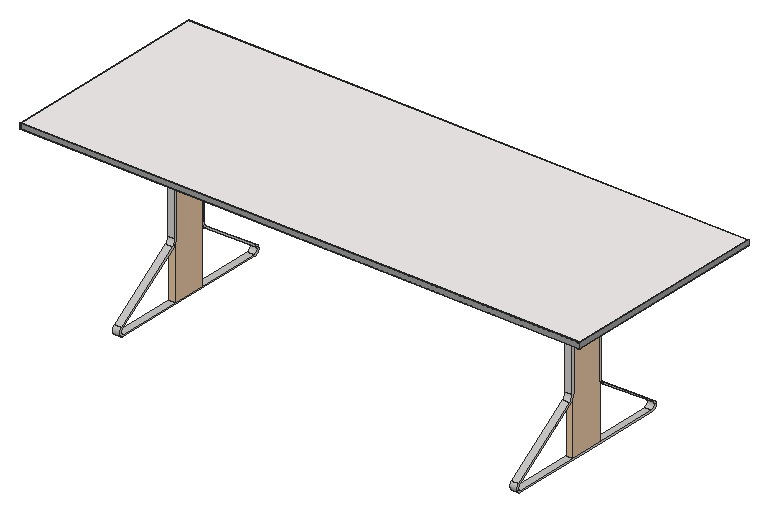
Revit family "Artek_Tables_Kaari Table rectangular_Kaari Table rectangular REB002", category Furniture, Revit 2017
Family settings
  OmniClass Number = 23.40.20.14.17.11
  OmniClass Title = Dining Room Tables
  Work Plane-Based = No
  Always vertical = Yes
  Cut with Voids When Loaded = No
  Shared = No
  Room Calculation Point = No
Parameters (values of type "Kaari Table rectangular REB002")
  WarrantyStartDate [instance] = "n/a"
  WarrantyGuarantorParts = "n/a"
  WarrantyGuarantorLabor = "n/a"
  WarrantyDurationUnit = "Years"
  WarrantyDurationParts = "n/a"
  WarrantyDurationLabor = "n/a"
  WarrantyDescription = "n/a"
  VersionDate = "11/3/2020"  # constant formula
  Version = "1"  # constant formula
  Uniclass2015Reference = "Pr_40_50_21_22"
  Uniclass2015Description = "Dining tables"
  Uniclass2 = "Pr_40_50_21_21"
  URL = "https://www.artek.fi/en/products/kaari-table-rectangular"
  Type Comments = ""
  TagNumber [instance] = "n/a"
  TableTopMaterial [instance] = HPL, high-gloss white
  SustainabilityPerformance = "n/a"
  Style = "n/a"
  Size = "2400x740x900 mm"
  Shape = "Sculptured"
  SerialNumber [instance] = "n/a"
  Revision = "n/a"
  ReplacementCost = "n/a"
  ProductInformation = "n/a"
  Product data url = ""
  NominalLength = 2400 mm
  NominalHeight = 740 mm
  NominalDepth = 900 mm
  Name = "Kaari Table rectangular REB002"
  NBSReference = "45-35-86/327"
  NBSDescription = "Tables"
  ModelReference = "n/a"
  ModelNumber = "28305202"
  Material = "Wood/Steel"
  ManufacturerURL = "https://www.artek.fi/"
  ManufacturerName = "Artek"
  Model = "Kaari Table rectangular REB002"
  Manufacturer = "Artek"
  MainColor = "Natural/black oak"
  LegsMaterial [instance] = Natural oak, with protective varnish
  InstallationDate [instance] = "n/a"
  IfcExportType = "TABLE"  # constant formula
  IfcExportAs = "IfcFurnishingElementType"  # constant formula
  Grade = "n/a"
  Finish = "n/a"
  Features = "n/a"
  ExpectedLife = "n/a"
  DurationUnit = "Years"
  Designer = "Ronan & Erwan Bouroullec"
  Description = ""
  Cost = 0
  ConvergoRefNr = "0190-2009-0028-FI"  # constant formula
  Constituents = "n/a"
  Color = "Natural/black oak"
  Collection = "Kaari Collection"
  CodePerformance = "n/a"
  Barcode [instance] = "n/a"
  AssetIdentifier [instance] = "n/a"
  Category = "Tables"
  Brand = "Artek"
  BIMObjectName = "Artek_Tables_Kaari Table rectangular_Kaari Table rectangular REB002"  # constant formula
  Author = "Convergo AB"  # constant formula
  AssetType = "Movable"
  AccessibilityPerformance = "n/a"
Reference planes
  plane 1 "Center (Front/Back)": y = 0
  plane 2: z = 0
  plane 3 "Center (Left/Right)": x = 0
  plane 4: x = -1200
  plane 5: x = 1200
  plane 6: y = 450
  plane 7: y = -450
  plane 8: z = 740
Dimensions and locks
  equal spacing: plane 4, plane 3 "Center (Left/Right)", plane 5
  "NominalLength": plane 4 to plane 5
  equal spacing: plane 7, plane 1 "Center (Front/Back)", plane 6
  "NominalDepth": plane 7 to plane 6
  "NominalHeight": plane 8 to plane 2
  aligned and locked: level to plane 2
Nested families
  nested 1: "kaari_table_240x90" at (0, 0, -4.5), Legs <- "LegsMaterial", Table <- "TableTopMaterial", type "kaari_table_240x90"
    with TableFrame ABS, Table HPL, high-gloss white, LegsFrame Flat rolled steel, Legs Natural oak, with protective varnish
Definition of nested family "kaari_table_240x90"
  Parameters (values of type "kaari_table_240x90")
    TableFrame [instance] = none
    Table [instance] = none
    LegsFrame [instance] = none
    Legs [instance] = none
  Reference planes
    plane 1 "Center (Front/Back)": y = 0
    plane 2: z = 4.5
    plane 3 "Center (Left/Right)": x = 0
  Forms (mm)
    Extrusion 1, solid, material <- "Legs", detail levels medium+fine
      sketch origin (0, 0, 0) x (0, 1, 0) y (0, 0, 1)
        loop
          line (70, 720.5) -> (-70, 720.5) -> (-70, 10.5) -> (70, 10.5) -> (70, 720.5)
      from -865.5 to -836.5
    Extrusion 2, solid, material <- "Legs", detail levels medium+fine
      sketch origin (0, 0, 0) x (0, 1, 0) y (0, 0, -1)
        loop
          line (70, -720.5) -> (70, -10.5) -> (-70, -10.5) -> (-70, -720.5) -> (70, -720.5)
      from -865.5 to -836.5
    Extrusion 3, solid, material <- "Legs", detail levels medium+fine
      sketch origin (0, 0, 4.5) x (1, 0, 0) y (0, 0, 1)
        loop
          line (-836, 716) -> (-836, 546) -> (-503.024, 615.577) -> (-498.932, 616) -> (498.932, 616) -> (503.024, 615.577) -> (836, 546) -> (836, 716) -> (0, 716) -> (-836, 716)
      from -14 to 14
    Extrusion 4, solid, material <- "LegsFrame", detail levels medium+fine
      sketch origin (0, 0, 5) x (0, 1, 0) y (0, 0, 1)
        loop
          line (0.029, 4.5) -> (350.037, 4.5)
          arc (350.037, 4.5) -> (370.063, 19.183) -> (362.081, 42.697) r 20.997
          line (362.081, 42.697) -> (88.822, 234.036)
          arc (88.822, 234.036) -> (79.419, 244.758) -> (76.029, 258.611) r 30
          line (76.029, 258.611) -> (76.029, 715.5) -> (70, 715.5) -> (70, 258.69)
          arc (70, 258.69) -> (74.081, 242.014) -> (85.4, 229.107) r 36.115
          line (85.4, 229.107) -> (358.633, 37.787)
          arc (358.633, 37.787) -> (364.335, 20.989) -> (350.029, 10.5) r 15
          line (350.029, 10.5) -> (-350.029, 10.5)
          arc (-350.029, 10.5) -> (-364.335, 20.989) -> (-358.633, 37.787) r 15
          line (-358.633, 37.787) -> (-85.346, 229.145)
          arc (-85.346, 229.145) -> (-74.066, 242.007) -> (-70, 258.624) r 35.988
          line (-70, 258.624) -> (-70, 715.5) -> (-76.029, 715.5) -> (-76.029, 258.833)
          arc (-76.029, 258.833) -> (-79.467, 244.783) -> (-89.004, 233.908) r 30.428
          line (-89.004, 233.908) -> (-362.081, 42.697)
          arc (-362.081, 42.697) -> (-370.063, 19.183) -> (-350.037, 4.5) r 20.997
          line (-350.037, 4.5) -> (-0.029, 4.5)
      from -866 to -836
    Extrusion 5, solid, material <- "LegsFrame", detail levels medium+fine
      sketch origin (0, 0, 5) x (0, 1, 0) y (0, 0, -1)
        loop
          line (0.029, -4.5) -> (350.037, -4.5)
          arc (350.037, -4.5) -> (370.063, -19.183) -> (362.081, -42.697) r 20.997
          line (362.081, -42.697) -> (88.822, -234.036)
          arc (88.822, -234.036) -> (79.419, -244.758) -> (76.029, -258.611) r 30
          line (76.029, -258.611) -> (76.029, -716) -> (70, -716) -> (70, -258.69)
          arc (70, -258.69) -> (74.081, -242.014) -> (85.4, -229.107) r 36.115
          line (85.4, -229.107) -> (358.633, -37.787)
          arc (358.633, -37.787) -> (364.335, -20.989) -> (350.029, -10.5) r 15
          line (350.029, -10.5) -> (-350.029, -10.5)
          arc (-350.029, -10.5) -> (-364.335, -20.989) -> (-358.633, -37.787) r 15
          line (-358.633, -37.787) -> (-85.346, -229.145)
          arc (-85.346, -229.145) -> (-74.066, -242.007) -> (-70, -258.624) r 35.988
          line (-70, -258.624) -> (-70, -716) -> (-76.029, -716) -> (-76.029, -258.833)
          arc (-76.029, -258.833) -> (-79.467, -244.783) -> (-89.004, -233.908) r 30.428
          line (-89.004, -233.908) -> (-362.081, -42.697)
          arc (-362.081, -42.697) -> (-370.063, -19.183) -> (-350.037, -4.5) r 20.997
          line (-350.037, -4.5) -> (-0.029, -4.5)
      from -866 to -836
    Extrusion 6, solid, material <- "Table", detail levels medium+fine
      sketch origin (0, 0, 4.5) x (1, 0, 0) y (0, 1, 0)
        loop
          line (1200, 450) -> (-1200, 450) -> (-1200, -450) -> (1200, -450) -> (1200, 450)
      from 716 to 740
    Extrusion 7, solid, material <- "TableFrame", detail levels medium+fine
      sketch origin (0, 0, 4.5) x (1, 0, 0) y (0, 1, 0)
        loop
          arc (-858, 286) -> (-856.536, 282.464) -> (-853, 281) r 5
          line (-853, 281) -> (-849, 281)
          arc (-849, 281) -> (-845.464, 282.464) -> (-844, 286) r 5
          line (-844, 286) -> (-844, 334)
          arc (-844, 334) -> (-845.464, 337.536) -> (-849, 339) r 5
          line (-849, 339) -> (-853, 339)
          arc (-853, 339) -> (-856.536, 337.536) -> (-858, 334) r 5
          line (-858, 334) -> (-858, 286)
        loop
          line (-858, -286) -> (-858, -334)
          arc (-858, -334) -> (-856.536, -337.536) -> (-853, -339) r 5
          line (-853, -339) -> (-849, -339)
          arc (-849, -339) -> (-845.464, -337.536) -> (-844, -334) r 5
          line (-844, -334) -> (-844, -286)
          arc (-844, -286) -> (-845.464, -282.464) -> (-849, -281) r 5
          line (-849, -281) -> (-853, -281)
          arc (-853, -281) -> (-856.536, -282.464) -> (-858, -286) r 5
        loop
          line (858, 286) -> (858, 334)
          arc (858, 334) -> (856.536, 337.536) -> (853, 339) r 5
          line (853, 339) -> (849, 339)
          arc (849, 339) -> (845.464, 337.536) -> (844, 334) r 5
          line (844, 334) -> (844, 286)
          arc (844, 286) -> (845.464, 282.464) -> (849, 281) r 5
          line (849, 281) -> (853, 281)
          arc (853, 281) -> (856.536, 282.464) -> (858, 286) r 5
        loop
          arc (858, -286) -> (856.536, -282.464) -> (853, -281) r 5
          line (853, -281) -> (849, -281)
          arc (849, -281) -> (845.464, -282.464) -> (844, -286) r 5
          line (844, -286) -> (844, -334)
          arc (844, -334) -> (845.464, -337.536) -> (849, -339) r 5
          line (849, -339) -> (853, -339)
          arc (853, -339) -> (856.536, -337.536) -> (858, -334) r 5
          line (858, -334) -> (858, -286)
      from 0 to 5
    Extrusion 8, solid, material <- "Table", detail levels coarse
      sketch origin (0, 0, 4.5) x (1, 0, 0) y (0, 1, 0)
        loop
          line (-1200, -450) -> (1200, -450) -> (1200, 450) -> (-1200, 450) -> (-1200, -450)
      from 0 to 740
    Extrusion 9, solid, material <- "TableFrame", detail levels medium+fine
      sketch origin (0, 0, 4.5) x (1, 0, 0) y (0, 1, 0)
        loop
          line (-1200, 450) -> (-1200, -450) -> (1200, -450) -> (1200, 450) -> (-1200, 450)
        loop
          line (1199.6, 449.6) -> (-1199.6, 449.6) -> (-1199.6, -449.6) -> (1199.6, -449.6) -> (1199.6, 449.6)
      from 716 to 740
    Sweep 10, void
      path in 3D
        loop
          line (1200, -450, 744.5) -> (1200, 450, 744.5) -> (-1200, 450, 744.5) -> (-1200, -450, 744.5) -> (1200, -450, 744.5)
      profile origin (0, -450, 744.5) x (0, 1, 0) y (0, 0, 1)
        loop
          line (0, 0) -> (0, -1) -> (1, 0) -> (0, 0)
    Sweep 11, void
      path in 3D
        loop
          line (-1200, -450, 720.5) -> (-1200, 450, 720.5) -> (1200, 450, 720.5) -> (1200, -450, 720.5) -> (-1200, -450, 720.5)
      profile origin (0, -450, 720.5) x (0, 1, 0) y (0, 0, -1)
        loop
          line (0, 0) -> (0, -1) -> (1, 0) -> (0, 0)
  Cuts and joins
    Sweep 10, Sweep 11 cuts Extrusion 6
    Sweep 10, Sweep 11 cuts Extrusion 9
  Lines and regions (mm)
    symbolic lines, detail levels medium+fine
      curve 1: line (0, 0, 744.5) -> (-1199, 0, 744.5)
      curve 2: line (-1199, 0, 744.5) -> (-1200, 0, 743.5)
      curve 3: line (-1200, 0, 743.5) -> (-1200, 0, 721.5)
      curve 4: line (-1200, 0, 721.5) -> (-1199, 0, 720.5)
      curve 5: line (-1199, 0, 720.5) -> (-866, 0, 720.5)
      curve 6: line (-866, 0, 720.5) -> (-866, 0, 9.5)
      curve 7: line (-866, 0, 9.5) -> (-857.98, 0, 9.5)
      curve 8: line (-857.98, 0, 9.5) -> (-857.98, 0, 4.5)
      curve 9: line (-857.98, 0, 4.5) -> (-844, 0, 4.5)
      curve 10: line (-844, 0, 4.5) -> (-844, 0, 9.5)
      curve 11: line (-844, 0, 9.5) -> (-836, 0, 9.5)
      curve 12: line (-836, 0, 9.5) -> (-836, 0, 550.5)
      curve 13: line (-836, 0, 550.5) -> (-503.024, 0, 620.077)
      curve 14: line (-503.024, 0, 620.077) -> (-498.932, 0, 620.5)
      curve 15: line (-498.932, 0, 620.5) -> (0, 0, 620.5)
      curve 18: line (0, 0, 744.5) -> (1199, 0, 744.5)
      curve 19: line (1199, 0, 744.5) -> (1200, 0, 743.5)
      curve 20: line (1200, 0, 743.5) -> (1200, 0, 721.5)
      curve 21: line (1200, 0, 721.5) -> (1199, 0, 720.5)
      curve 22: line (1199, 0, 720.5) -> (866, 0, 720.5)
      curve 23: line (866, 0, 720.5) -> (866, 0, 9.5)
      curve 24: line (866, 0, 9.5) -> (857.98, 0, 9.5)
      curve 25: line (857.98, 0, 9.5) -> (857.98, 0, 4.5)
      curve 26: line (857.98, 0, 4.5) -> (844, 0, 4.5)
      curve 27: line (844, 0, 4.5) -> (844, 0, 9.5)
      curve 28: line (844, 0, 9.5) -> (836, 0, 9.5)
      curve 29: line (836, 0, 9.5) -> (836, 0, 550.5)
      curve 30: line (836, 0, 550.5) -> (503.024, 0, 620.077)
      curve 31: line (503.024, 0, 620.077) -> (498.932, 0, 620.5)
      curve 32: line (498.932, 0, 620.5) -> (0, 0, 620.5)
      curve 37: line (0, 0, 744.5) -> (0, 449, 744.5)
      curve 38: line (0, 449, 744.5) -> (0, 450, 743.5)
      curve 39: line (0, 450, 743.5) -> (0, 450, 721.5)
      curve 40: line (0, 450, 721.5) -> (0, 449, 720.5)
      curve 41: line (0, 449, 720.5) -> (0, 76.029, 720.5)
      curve 42: line (0, 76.029, 720.5) -> (0, 76.029, 263.611)
      curve 43: arc (0, 88.822, 239.036) -> (0, 79.419, 249.758) -> (0, 76.029, 263.611) r 30
      curve 44: line (0, 362.081, 47.697) -> (0, 88.822, 239.036)
      curve 45: arc (0, 350.037, 9.5) -> (0, 370.063, 24.183) -> (0, 362.081, 47.697) r 20.997
      curve 46: line (0, 350.037, 9.5) -> (0, 339.009, 9.5)
      curve 47: line (0, 339.009, 9.5) -> (0, 339.009, 4.5)
      curve 48: line (0, 339.009, 4.5) -> (0, 281, 4.5)
      curve 49: line (0, 281, 4.5) -> (0, 281, 9.5)
      curve 50: line (0, 281, 9.5) -> (0, 0, 9.5)
      curve 58: line (0, 0, 744.5) -> (0, -449, 744.5)
      curve 59: line (0, -449, 744.5) -> (0, -450, 743.5)
      curve 60: line (0, -450, 743.5) -> (0, -450, 721.5)
      curve 61: line (0, -450, 721.5) -> (0, -449, 720.5)
      curve 62: line (0, -449, 720.5) -> (0, -76.029, 720.5)
      curve 63: line (0, -76.029, 720.5) -> (0, -76.029, 263.611)
      curve 64: arc (0, -88.822, 239.036) -> (0, -79.419, 249.758) -> (0, -76.029, 263.611) r 30
      curve 65: line (0, -362.081, 47.697) -> (0, -88.822, 239.036)
      curve 66: arc (0, -350.037, 9.5) -> (0, -370.063, 24.183) -> (0, -362.081, 47.697) r 20.997
      curve 67: line (0, -350.037, 9.5) -> (0, -339.009, 9.5)
      curve 68: line (0, -339.009, 9.5) -> (0, -339.009, 4.5)
      curve 69: line (0, -339.009, 4.5) -> (0, -281, 4.5)
      curve 70: line (0, -281, 4.5) -> (0, -281, 9.5)
      curve 71: line (0, -281, 9.5) -> (0, 0, 9.5)
      curve 79: line (0, 450, 4.5) -> (-1200, 450, 4.5)
      curve 80: line (-1200, 450, 4.5) -> (-1200, -450, 4.5)
      curve 81: line (-1200, -450, 4.5) -> (1200, -450, 4.5)
      curve 82: line (1200, -450, 4.5) -> (1200, 450, 4.5)
      curve 91: line (0, 450, 4.5) -> (1200, 450, 4.5)
    symbolic lines, detail levels fine
      curve 16: line (-866, 0, 720.5) -> (0, 0, 720.5)
      curve 17: line (-836, 0, 550.5) -> (-836, 0, 720.5)
      curve 33: line (866, 0, 720.5) -> (0, 0, 720.5)
      curve 34: line (836, 0, 550.5) -> (836, 0, 720.5)
      curve 35: line (-857.98, 0, 9.5) -> (-844, 0, 9.5)
      curve 36: line (857.98, 0, 9.5) -> (844, 0, 9.5)
      curve 51: line (0, 85.4, 234.107) -> (0, 358.633, 42.787)
      curve 52: arc (0, 358.633, 42.787) -> (0, 364.335, 25.989) -> (0, 350.029, 15.5) r 15
      curve 53: line (0, 350.029, 15.5) -> (0, 0, 15.5)
      curve 54: line (0, 281, 9.5) -> (0, 339.009, 9.5)
      curve 55: arc (0, 70, 263.69) -> (0, 74.081, 247.014) -> (0, 85.4, 234.107) r 36.115
      curve 56: line (0, 70, 15.5) -> (0, 70, 720.5)
      curve 57: line (0, 76.029, 720.5) -> (0, 0, 720.5)
      curve 72: line (0, -85.4, 234.107) -> (0, -358.633, 42.787)
      curve 73: arc (0, -358.633, 42.787) -> (0, -364.335, 25.989) -> (0, -350.029, 15.5) r 15
      curve 74: line (0, -350.029, 15.5) -> (0, 0, 15.5)
      curve 75: line (0, -281, 9.5) -> (0, -339.009, 9.5)
      curve 76: arc (0, -70, 263.69) -> (0, -74.081, 247.014) -> (0, -85.4, 234.107) r 36.115
      curve 77: line (0, -70, 15.5) -> (0, -70, 720.5)
      curve 78: line (0, -76.029, 720.5) -> (0, 0, 720.5)
      curve 83: line (1199, 449, 4.5) -> (-1199, 449, 4.5)
      curve 84: line (-1199, 449, 4.5) -> (-1199, -449, 4.5)
      curve 85: line (-1199, -449, 4.5) -> (1199, -449, 4.5)
      curve 86: line (1199, -449, 4.5) -> (1199, 449, 4.5)
      curve 87: line (1200, 450, 4.5) -> (1199, 449, 4.5)
      curve 88: line (1200, -450, 4.5) -> (1199, -449, 4.5)
      curve 89: line (-1199, -449, 4.5) -> (-1200, -450, 4.5)
      curve 90: line (-1200, 450, 4.5) -> (-1199, 449, 4.5)
    sketch lines
      curve 92: line (-1200, -450, 744.5) -> (1200, -450, 744.5)
      curve 93: line (1200, -450, 744.5) -> (1200, 450, 744.5)
      curve 94: line (1200, 450, 744.5) -> (-1200, 450, 744.5)
      curve 95: line (-1200, 450, 744.5) -> (-1200, -450, 744.5)
      curve 96: line (1200, -450, 720.5) -> (-1200, -450, 720.5)
      curve 97: line (1200, 450, 720.5) -> (1200, -450, 720.5)
      curve 98: line (-1200, 450, 720.5) -> (1200, 450, 720.5)
      curve 99: line (-1200, -450, 720.5) -> (-1200, 450, 720.5)
  Dimensions and locks
    aligned and locked: level to plane 2
